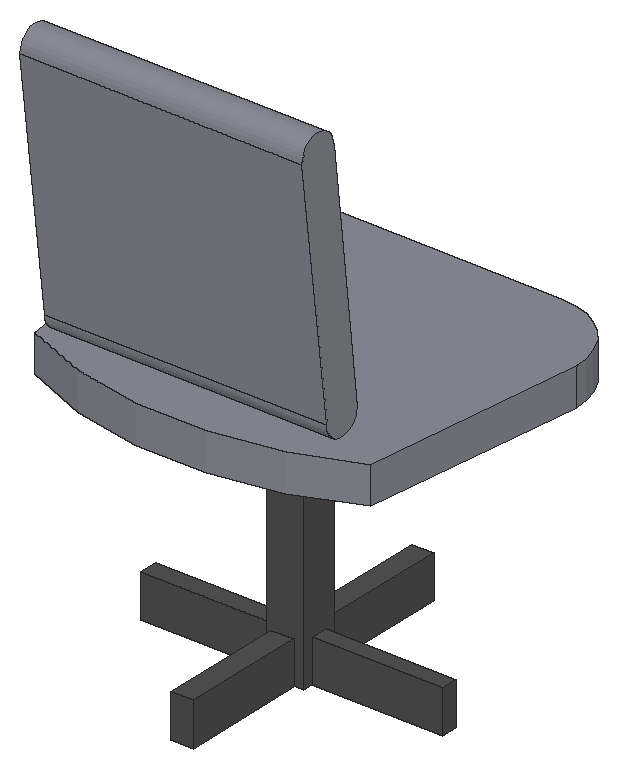
Revit family "Chair-Desk", category Furniture, Revit 2018
Family settings
  OmniClass Number = 23.40.20.14.14.11
  OmniClass Title = Chairs
  Work Plane-Based = No
  Always vertical = Yes
  Cut with Voids When Loaded = No
  Shared = Yes
  Room Calculation Point = No
Parameters (values of type "Chair-Desk")
  Seat/Back Material = Textile - Slate Blue
  Base Material = Steel, Chrome Plated
  Assembly Code = "E2020200"
Reference planes (in)
  plane 1: y = 0
  plane 2: z = 0
  plane 3 "Center (Left/Right)": x = 0
  plane 4: z = 14
  plane 5 "Seat": z = 16
  plane 6: y = 11.90733
Forms (in)
  Extrusion 1, solid, material "Textile - Slate Blue" <- "Seat/Back Material"
    sketch origin (0, 0, 0) x (1, 0, 0) y (0, 1, 0)
      loop
        arc (-9, 0) -> (0, -2.16828) -> (9, 0) r 19.76254
        line (9, 0) -> (10.48058, 11.90733)
        arc (10.48058, 11.90733) -> (9.28187, 14.80129) -> (6.38791, 16) r 4.09267
        line (6.38791, 16) -> (-6, 16)
        arc (-6, 16) -> (-9.0885, 14.8796) -> (-10.48842, 11.90733) r 4.30709
        line (-10.48842, 11.90733) -> (-9, 0)
    from 14 to 16
  Extrusion 2, solid, material "Textile - Slate Blue" <- "Seat/Back Material"
    sketch origin (0, 0, 0) x (0, 1, 0) y (0, 0, 1)
      loop
        line (1.006, 17.77118) -> (-0.5367, 31)
        arc (-0.5367, 31) -> (-1.59136, 32.05467) -> (-2.64603, 31) r 1.05467
        line (-2.64603, 31) -> (-1, 17.77118)
        arc (-1, 17.77118) -> (0.003, 16.76818) -> (1.006, 17.77118) r 1.003
    from -7.65214 to 7.4375
  Extrusion 3, solid, material "Steel, Chrome Plated" <- "Base Material"
    sketch origin (0, 0, 0) x (1, 0, 0) y (0, 1, 0)
      loop
        line (-0.96364, 7.49091) -> (-0.96364, 5.49091) -> (1.03636, 5.49091) -> (1.03636, 7.49091) -> (-0.96364, 7.49091)
    from 0 to 14
  Extrusion 4, solid, material "Steel, Chrome Plated" <- "Base Material"
    sketch origin (0, 0, 0) x (1, 0, 0) y (0, 1, 0)
      loop
        line (-1.01818, 6.89091) -> (-8.01818, 6.89091) -> (-8.01818, 5.90733) -> (-1.01818, 5.90733) -> (-1.01818, 6.89091)
      loop
        line (1.05455, 6.89091) -> (1.05455, 6) -> (8.03636, 6) -> (8.03636, 6.89091) -> (1.05455, 6.89091)
      loop
        line (0.56364, 7.43636) -> (0.56364, 14.76188) -> (-0.63636, 14.76188) -> (-0.63636, 7.43636) -> (0.56364, 7.43636)
      loop
        line (-0.63636, 5.36364) -> (-0.63636, -1.30909) -> (0.56364, -1.30909) -> (0.56364, 5.36364) -> (-0.63636, 5.36364)
    from 0 to 2.30331
Lines and regions (in)
  Masking region 1
    outline origin (0, 0, 16) x (0, 1, 0) y (-1, 0, 0)
      loop
        arc (0, 9) -> (-2.16828, 0.00102) -> (-0.00093, -8.99819) r 19.76254
        line (-0.00093, -8.99819) -> (11.90733, -10.4643)
        arc (11.90733, -10.4643) -> (14.77013, -9.27849) -> (15.95594, -6.41569) r 4.0486
        line (15.95594, -6.41569) -> (15.95594, 6.43981)
        arc (15.95594, 6.43981) -> (14.77013, 9.30261) -> (11.90733, 10.48842) r 4.0486
        line (11.90733, 10.48842) -> (0, 9)
  symbolic lines
    curve 1: line (-9, 0, 16) -> (-10.48842, 11.90733, 16)
    curve 2: line (8.99819, -0.00093, 16) -> (10.4643, 11.90733, 16)
    curve 3: line (-6.43981, 15.95594, 16) -> (6.41569, 15.95594, 16)
    curve 4: arc (-10.48842, 11.90733, 16) -> (-9.30261, 14.77013, 16) -> (-6.43981, 15.95594, 16) r 4.0486
    curve 5: arc (10.4643, 11.90733, 16) -> (9.27849, 14.77013, 16) -> (6.41569, 15.95594, 16) r 4.0486
    curve 6: arc (-9, 0, 16) -> (0, -2.16828, 16) -> (9, 0, 16) r 19.76254
    curve 7: arc (-8.08919, 1.78057, 16) -> (0, -0.16828, 16) -> (8.08919, 1.78057, 16) r 17.76254
    curve 8: arc (8.08919, 1.78057, 16) -> (8.83467, 1.03867, 16) -> (9, 0, 16) r 1.69747
    curve 9: arc (-8.08919, 1.78057, 16) -> (-8.83467, 1.03867, 16) -> (-9, 0, 16) r 1.69747
Dimensions and locks (in)
  plane 5 "Seat" to plane 4 to plane 2 = 0' - 2", 1' - 2"
  Extrusion 4 sketch curve to plane 3 "Center (Left/Right)" to Extrusion 4 sketch curve = 0' - 0.56364", 0' - 0.63636"
  equal spacing: Extrusion 4 sketch curve, plane 3 "Center (Left/Right)", Extrusion 4 sketch curve
  aligned and locked: plane 4 to Extrusion 1
  aligned and locked: Extrusion 1 to plane 5 "Seat"
  aligned and locked: Extrusion 3 to level
  aligned and locked: Extrusion 3 to plane 4
  aligned and locked: Extrusion 4 to level
  aligned and locked: curve 6 to Extrusion 1
